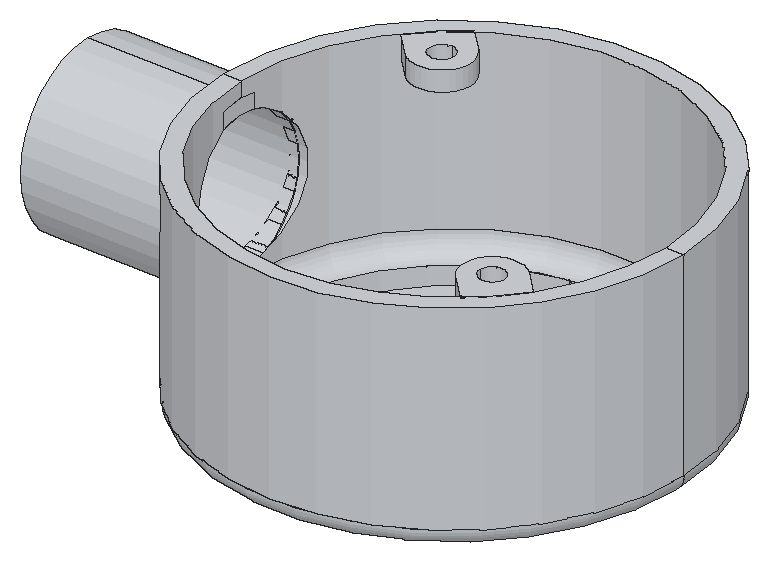
Revit family "ET1B", category Generic Models, Revit 2017
Family settings
  Can host rebar = No
  Round Connector Dimension = Use Diameter
  Part Type = Normal
  Work Plane-Based = Yes
  Always vertical = No
  Cut with Voids When Loaded = No
  Shared = No
  Room Calculation Point = No
Parameters (values of type "NBS Standard Parameters")
  Weight = "0.2064Kg"
  WarrantyStartDate [instance] = "1900-12-31T23:59:59"
  WarrantyGuarantorParts = "n/a"
  WarrantyGuarantorLabor = "n/a"
  WarrantyDurationUnit = "1 year"
  WarrantyDurationParts = "n/a"
  WarrantyDurationLabor = "n/a"
  WarrantyDescription = "n/a"
  Version = "1"
  Uniclass2 = "Pr_65_70_11_20"
  TagNumber [instance] = "n/a"
  SustainabilityPerformance = "n/a"
  Size = "20mm"
  Shape = "Circular"
  SerialNumber [instance] = "n/a"
  Revision = "n/a"
  ReplacementCost = "n/a"
  ProductInformation = "www.metpro.co.uk/pdf/et1g.pdf"
  NominalWidth = 63 mm
  NominalLength = 63 mm
  NominalHeight = 28 mm
  Name = ""
  NBSTypeID = ""
  NBSReference = "90-55-10/460"
  NBSOfficeMasterTag = ""
  NBSNote = ""
  NBSDescription = "Conduit Fittings"
  NBSCertification = ""
  ModelReference = "ET1B"
  ModelNumber = "n/a"
  Material = "Malleable Iron"
  ManufacturerURL = "www.metpro.co.uk"
  ManufacturerName = "Metpro Ltd"
  Keynote = "Compliant to LU Standard 1-085"
  InstallationDate [instance] = "1900-12-31T23:59:59"
  IfcExportType = ""
  IfcExportAs = ""
  Grade = "n/a"
  Finish = "Black"
  Features = "n/a"
  ExpectedLife = "n/a"
  DurationUnit = "year"
  Description = "ET1B  20mm Terminal Extension Malleable Conduit Box"
  Default Elevation = 1219.2 mm
  Constituents = "n/a"
  Color = "n/a"
  CodePerformance = "n/a"
  Category = "n/a"
  BarCode [instance] = "n/a"
  BIMObjectName = "Metpro_LIbrary_Conduitfittings_Metalcomponent_Malleablecircularbox"
  Author = "Metpro Limited"
  AssetType = ""
  AssetIdentifier [instance] = "n/a"
  AccessibilityPerformance = "n/a"
Reference planes
  plane 1 "Center (Front/Back)": y = 0
  plane 2: z = 0
  plane 3 "Center (Left/Right)": x = 0
Forms (mm)
  Revolve 1, solid
    sketch origin (-0.539, 29.53, -25.271) x (1, 0, 0) y (0, 0, 1)
      loop
        line (-32.5, 40.541) -> (-32.5, 12.5)
        arc (-32.5, 12.5) -> (-31.768, 10.732) -> (-30, 10) r 2.5
        line (-30, 10) -> (-10, 10) -> (-10, 12.541) -> (-27, 12.541)
        arc (-27, 12.541) -> (-29.121, 13.42) -> (-30, 15.541) r 3
        line (-30, 15.541) -> (-30, 40.541) -> (-32.5, 40.541)
      axis (0, 10) -> (0, 40.541)
    angle from 0 to 360
  Extrusion 2, solid
    sketch origin (-0.539, 29.53, 15.271) x (0, 1, 0) y (-1, 0, 0)
      loop
        arc (-13.805, -21.577) -> (-13.887, -16.02) -> (-19.441, -15.821) r 4.033
        line (-19.441, -15.821) -> (-22.946, -19.326)
        arc (-22.946, -19.326) -> (-20.14, -22.235) -> (-16.968, -24.74) r 30
        line (-16.968, -24.74) -> (-13.805, -21.577)
      loop
        circle (-16.769, -18.842) r 1.752
      loop
        line (21.577, 13.805) -> (24.74, 16.968)
        arc (24.74, 16.968) -> (22.235, 20.14) -> (19.326, 22.946) r 30
        line (19.326, 22.946) -> (15.821, 19.441)
        arc (15.821, 19.441) -> (16.02, 13.887) -> (21.577, 13.805) r 4.033
      loop
        circle (18.842, 16.769) r 1.752
    from -2.782 to 0
  Extrusion 3, void
    sketch origin (-0.539, 29.53, -25.271) x (0, 0, 1) y (0, -1, 0)
      loop
        circle (26.504, 0.168) r 10
    from -48.938 to 4.707
  Extrusion 4, solid
    sketch origin (-2.039, 29.53, -24.021) x (0, 0, 1) y (0, 1, 0)
      loop
        circle (25.254, -0.168) r 10
      loop
        circle (25.254, -0.168) r 12
    from 28.292 to 50
  Extrusion 5, void
    sketch origin (-0.539, 29.53, -15.271) x (1, 0, 0) y (0, 1, 0)
      loop
        arc (-25.08, -10) -> (-17.162, -20.844) -> (-5, -26.533) r 27
        arc (-5, -26.533) -> (-3.167, -24.235) -> (-5, -21.937) r 2.357
        arc (-5, -21.937) -> (-13.922, -17.675) -> (-20.156, -10) r 22.5
        arc (-20.156, -10) -> (-22.618, -8.015) -> (-25.08, -10) r 2.519
      loop
        arc (20.156, -10) -> (13.922, -17.675) -> (5, -21.937) r 22.5
        arc (5, -21.937) -> (3.167, -24.235) -> (5, -26.533) r 2.357
        arc (5, -26.533) -> (17.162, -20.844) -> (25.08, -10) r 27
        arc (25.08, -10) -> (22.618, -7.99) -> (20.156, -10) r 2.513
      loop
        arc (21.937, 5) -> (24.235, 3.167) -> (26.533, 5) r 2.357
        arc (26.533, 5) -> (19.092, 19.092) -> (5, 26.533) r 27
        arc (5, 26.533) -> (3.167, 24.235) -> (5, 21.937) r 2.357
        arc (5, 21.937) -> (15.91, 15.91) -> (21.937, 5) r 22.5
      loop
        arc (-21.937, 5) -> (-15.91, 15.91) -> (-5, 21.937) r 22.5
        arc (-5, 21.937) -> (-3.167, 24.235) -> (-5, 26.533) r 2.357
        arc (-5, 26.533) -> (-19.092, 19.092) -> (-26.533, 5) r 27
        arc (-26.533, 5) -> (-24.235, 3.167) -> (-21.937, 5) r 2.357
      loop
        circle (-17.24, 0) r 2.24
    from 0 to 13.512
Cuts and joins
  Extrusion 3, Extrusion 5 cuts Revolve 1
  Extrusion 3, Extrusion 5 cuts Extrusion 4
  Extrusion 5 cuts Extrusion 2
Dimensions and locks
  aligned and locked: level to plane 2
